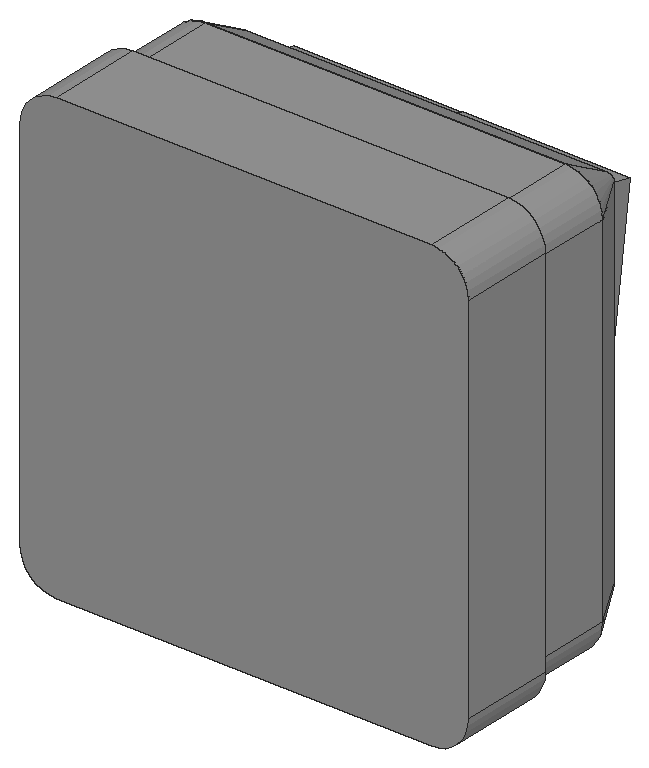
Revit family "IEK_Выключатель_ОткрытойУстановки_10А двухклавишный IP20_ОКТАВА", category Выключатели, Revit 2019
Family settings
  Сохранять ориентацию аннотаций = Да
  Размер круглого соединителя = Использовать диаметр
  Тип детали = Переключатель
  На основе рабочей плоскости = Нет
  Всегда вертикально = Да
  При загрузке вырезать с полостями = Нет
  Общий = Нет
  Точка расчета площади = Нет
Parameters (values of type "ВС20-2-0-ОБ")
  Ширина = 61 mm  # constant formula
  Тип монтажа = "Поверхность монтажа (открытая установка)"  # constant formula
  Степень защиты = "IP20"  # constant formula
  Изготовитель = "IEK"  # constant formula
  Дата изменения = ""
  Глубина = 37 mm  # constant formula
  Высота = 61 mm  # constant formula
  ΔХ [instance] = 2000 mm
  ΔY [instance] = 2000 mm
  KSI_CPr_Строительные изделия = "20.4.01"  # constant formula
  KSI_CMa_Строительные материалы = "01.7.14.03"  # constant formula
  IEK_Цена за единицу = 99.56
  IEK_Поиск в таблице имен = ""
  IEK_Описание = "Универсальный дизайн серии открытой установки \"ОКТАВА\" позволяет устанавливать изделия в квартирах, загородных домах, офисных и производственных помещениях."
  IEK_URL = "https://www.iek.ru/products/catalog/izdeliya_elektroustanovochnye_udliniteli_i_silovye_razemy/elektroustanovochnye_izdeliya/elektroustanovochnye_izdeliya_otkrytogo_montazha_ip20/elektroustanovochnye_izdeliya_oktava/elektroustanovochnye_izdeliya_oktava_tsvet_belyy/vyklyuchatel_2_klavishnyy_dlya_otkrytoy_ustanovki_vs20_2_0_ob_10a_oktava_belyy_iek"
  ADSK_Ток [instance] = 10 A  # constant formula
  ADSK_Примечание = ""
  ADSK_Полная мощность [instance] = ADSK_Номинальная мощность / ADSK_Коэффициент мощности  # 2200 VA
  ADSK_Позиция [instance] = ""
  ADSK_Номинальная мощность [instance] = ADSK_Ток * ADSK_Напряжение * sqrt(ADSK_Количество фаз числовое) * ADSK_Коэффициент мощности  # 2200 W
  ADSK_Напряжение = 220 V
  ADSK_Наименование = "Выключатель 2-клавишный для открытой установки ВС20-2-0-ОБ 10А ОКТАВА белый IEK"
  ADSK_Материал обозначение = ""
  ADSK_Материал наименование = "Пластик"  # constant formula
  ADSK_Материал = Цвет белый
  ADSK_Масса = 0.054  # constant formula
  ADSK_Марка = "ОКТАВА"  # constant formula
  ADSK_Коэффициент мощности [instance] = 1  # constant formula
  ADSK_Количество фаз числовое = 1
  ADSK_Количество фаз = 1
  ADSK_Код изделия = "EVO20-K01-10-DC"
  ADSK_Классификация нагрузок [instance] = Прочее
  ADSK_Завод-изготовитель = "IEK"  # constant formula
  ADSK_Единица измерения = "шт"  # constant formula
  ADSK_Группирование = "III ЭЛЕКТРОУСТАНОВОЧНЫЕ И ЭЛЕКТРОМОНТАЖНЫЕ ИЗДЕЛИЯ"  # constant formula
  ADSK_Версия семейства = "1.0"  # constant formula
  ADSK_Версия Revit = "2019"  # constant formula
  ADSK_URL страницы изделия = "https://www.iek.ru/products/catalog/izdeliya_elektroustanovochnye_udliniteli_i_silovye_razemy/elektroustanovochnye_izdeliya/elektroustanovochnye_izdeliya_otkrytogo_montazha_ip20/elektroustanovochnye_izdeliya_oktava/?pagec=10"
Types (3, lengths in mm): name | IEK_Цена за единицу | IEK_URL | ADSK_Наименование | ADSK_Материал | ADSK_Код изделия
  (no name) | 99.56 | "https://www.iek.ru/products/catalog/izdeliya_elektroustanovochnye_udliniteli_i_silovye_razemy/elektroustanovochnye_izdeliya/elektroustanovochnye_izdeliya_otkrytogo_montazha_ip20/elektroustanovochnye_izdeliya_oktava/elektroustanovochnye_izdeliya_oktava_tsvet_belyy/vyklyuchatel_2_klavishnyy_dlya_otkrytoy_ustanovki_vs20_2_0_ob_10a_oktava_belyy_iek" | "Выключатель 2-клавишный для открытой установки ВС20-2-0-ОБ 10А ОКТАВА белый IEK" | Цвет белый | "EVO20-K01-10-DC"
  ВС20-2-0-ОБ | 99.56 | "https://www.iek.ru/products/catalog/izdeliya_elektroustanovochnye_udliniteli_i_silovye_razemy/elektroustanovochnye_izdeliya/elektroustanovochnye_izdeliya_otkrytogo_montazha_ip20/elektroustanovochnye_izdeliya_oktava/elektroustanovochnye_izdeliya_oktava_tsvet_belyy/vyklyuchatel_2_klavishnyy_dlya_otkrytoy_ustanovki_vs20_2_0_ob_10a_oktava_belyy_iek" | "Выключатель 2-клавишный для открытой установки ВС20-2-0-ОБ 10А ОКТАВА белый IEK" | Цвет белый | "EVO20-K01-10-DC"
  ВС20-2-0-ОД | 175.7 | "https://www.iek.ru/products/catalog/izdeliya_elektroustanovochnye_udliniteli_i_silovye_razemy/elektroustanovochnye_izdeliya/elektroustanovochnye_izdeliya_otkrytogo_montazha_ip20/elektroustanovochnye_izdeliya_oktava/elektroustanovochnye_izdeliya_oktava_tsvet_dub/vyklyuchatel_2_klavishnyy_dlya_otkrytoy_ustanovki_vs20_2_0_od_10a_oktava_dub_iek" | "Выключатель 2-клавишный для открытой установки ВС20-2-0-ОД 10А ОКТАВА дуб IEK" | Цвет дуб | "EVO20-K04-10-DC"
Reference planes
  plane 1 "По центру (Вперед/Назад)": y = 0
  plane 2: z = 0
  plane 3 "По центру (Влево/Вправо)": x = 0
  plane 4 "Высота ножек": z = 280
  plane 5 "Высота": z = 2081.496
  plane 6: x = -2000
  plane 7: y = 2000
Forms (mm)
  Extrusion 1, solid, detail levels coarse
    sketch origin (0, 24, 0) x (1, 0, 0) y (0, 1, 0)
      loop
        line (-30.5, -24) -> (30.5, -24) -> (30.5, 13) -> (-30.5, 13) -> (-30.5, -24)
    from 0 to 61
  Extrusion 2, solid, detail levels medium
    sketch origin (0, 24, 0) x (1, 0, 0) y (0, 1, 0)
      loop
        line (-30.5, 13) -> (-30.5, -24) -> (30.5, -24) -> (30.5, 13) -> (-30.5, 13)
    from 0 to 61
  Extrusion 3, solid, material "Цвет белый" <- "ADSK_Материал", detail levels fine
    sketch origin (0, 0, 30.5) x (1, 0, 0) y (0, 0, -1)
      loop
        line (-30.5, 25.5) -> (-30.5, -25.5)
        arc (-30.5, -25.5) -> (-29.036, -29.036) -> (-25.5, -30.5) r 5
        line (-25.5, -30.5) -> (25.5, -30.5)
        arc (25.5, -30.5) -> (29.036, -29.036) -> (30.5, -25.5) r 5
        line (30.5, -25.5) -> (30.5, 25.5)
        arc (30.5, 25.5) -> (29.036, 29.036) -> (25.5, 30.5) r 5
        line (25.5, 30.5) -> (-25.5, 30.5)
        arc (-25.5, 30.5) -> (-29.036, 29.036) -> (-30.5, 25.5) r 5
    from 0 to 13
  Extrusion 4, solid, material "Цвет белый" <- "ADSK_Материал", detail levels fine
    sketch origin (0, 0, 30.5) x (1, 0, 0) y (0, 0, -1)
      loop
        line (-29.5, 24.462) -> (-29.5, -24.462)
        arc (-29.5, -24.462) -> (-28.024, -28.024) -> (-24.462, -29.5) r 5.038
        line (-24.462, -29.5) -> (24.505, -29.5)
        arc (24.505, -29.5) -> (28.037, -28.037) -> (29.5, -24.505) r 4.995
        line (29.5, -24.505) -> (29.5, 24.505)
        arc (29.5, 24.505) -> (28.037, 28.037) -> (24.505, 29.5) r 4.995
        line (24.505, 29.5) -> (-24.462, 29.5)
        arc (-24.462, 29.5) -> (-28.024, 28.024) -> (-29.5, 24.462) r 5.038
    from 13 to 24
  Blend 5, solid, material "Цвет белый" <- "ADSK_Материал", detail levels fine
    base sketch origin (0, 0, 30.5) x (1, 0, 0) y (0, 0, -1)
      loop
        line (-29.5, 24.462) -> (-29.5, -24.462)
        arc (-29.5, -24.462) -> (-28.024, -28.024) -> (-24.462, -29.5) r 5.038
        line (-24.462, -29.5) -> (24.505, -29.5)
        arc (24.505, -29.5) -> (28.037, -28.037) -> (29.5, -24.505) r 4.995
        line (29.5, -24.505) -> (29.5, 24.505)
        arc (29.5, 24.505) -> (28.037, 28.037) -> (24.505, 29.5) r 4.995
        line (24.505, 29.5) -> (-24.462, 29.5)
        arc (-24.462, 29.5) -> (-28.024, 28.024) -> (-29.5, 24.462) r 5.038
    top sketch origin (0, 0, 30.5) x (1, 0, 0) y (0, 0, -1)
      loop
        line (-25.459, 24.5) -> (-25.459, -24.5)
        arc (-25.459, -24.5) -> (-25.178, -25.178) -> (-24.5, -25.459) r 0.959
        line (-24.5, -25.459) -> (24.5, -25.459)
        arc (24.5, -25.459) -> (25.178, -25.178) -> (25.459, -24.5) r 0.959
        line (25.459, -24.5) -> (25.459, 24.5)
        arc (25.459, 24.5) -> (25.178, 25.178) -> (24.5, 25.459) r 0.959
        line (24.5, 25.459) -> (-24.5, 25.459)
        arc (-24.5, 25.459) -> (-25.178, 25.178) -> (-25.459, 24.5) r 0.959
    from 24 to 31
  Extrusion 6, void
    sketch origin (0, 0, 30.5) x (1, 0, 0) y (0, 0, -1)
      loop
        arc (-23.459, -21.459) -> (-22.873, -22.873) -> (-21.459, -23.459) r 2
        line (-21.459, -23.459) -> (21.459, -23.459)
        arc (21.459, -23.459) -> (22.873, -22.873) -> (23.459, -21.459) r 2
        line (23.459, -21.459) -> (23.459, 21.459)
        arc (23.459, 21.459) -> (22.873, 22.873) -> (21.459, 23.459) r 2
        line (21.459, 23.459) -> (-21.459, 23.459)
        arc (-21.459, 23.459) -> (-22.873, 22.873) -> (-23.459, 21.459) r 2
        line (-23.459, 21.459) -> (-23.459, -21.459)
    from 30.5 to 31
  Extrusion 7, solid, material "Цвет белый" <- "ADSK_Материал", detail levels fine
    sketch origin (0, 0, 30.5) x (0, 0, -1) y (0, 1, 0)
      loop
        line (-23, 30.5) -> (23, 30.5) -> (-21.529, 37) -> (-23, 30.5)
    from 0.1 to 22.8
  Extrusion 8, solid, material "Цвет белый" <- "ADSK_Материал", detail levels fine
    sketch origin (0, 0, 30.5) x (0, 0, -1) y (0, -1, 0)
      loop
        line (-23, -30.5) -> (-21.529, -37) -> (23, -30.5) -> (-23, -30.5)
    from 0.1 to 22.8
Cuts and joins
  Extrusion 6 cuts Blend 5
Lines and regions (mm)
  reference lines
    curve 1: line (0, 44.647, 0) -> (0, -55.353, 0)
    curve 2: line (-23.829, 0, 0) -> (76.171, 0, 0)
Dimensions and locks
  locked: plane 4 "Высота ножек" to plane 2 at 280
  plane 5 "Высота" to plane 4 "Высота ножек" = 1801.496 mm
  "ΔХ": plane 6 to curve 1
  "ΔY": plane 7 to curve 2
  aligned and locked: level to plane 2
  aligned and locked: curve 2 to nested 1
  aligned and locked: nested 1 to curve 1
  aligned and locked: Blend 5 to Extrusion 4
Automatic sketch dimensions
  Extrusion 1 sketch curve to plane 1 "По центру (Вперед/Назад)" = 37 mm
  Extrusion 1 sketch curve to plane 3 "По центру (Влево/Вправо)" = 30.5 mm
  plane 3 "По центру (Влево/Вправо)" to Extrusion 1 sketch curve = 30.5 mm
  plane 1 "По центру (Вперед/Назад)" to Extrusion 1 sketch curve = 0 mm
  Extrusion 2 sketch curve to plane 3 "По центру (Влево/Вправо)" = 30.5 mm
  plane 3 "По центру (Влево/Вправо)" to Extrusion 2 sketch curve = 30.5 mm
  plane 1 "По центру (Вперед/Назад)" to Extrusion 2 sketch curve = 0 mm
  Extrusion 2 sketch curve to plane 1 "По центру (Вперед/Назад)" = 37 mm
  level to Extrusion 3 sketch curve = 5 mm  (x2)
  Extrusion 3 sketch curve to plane 3 "По центру (Влево/Вправо)" = 30.5 mm
  Extrusion 3 sketch curve to Extrusion 3 sketch curve = 5 mm  (x2)
  Extrusion 3 sketch curve to Extrusion 3 sketch curve = 51 mm  (x2)
  level to Extrusion 3 sketch curve = 56 mm
  level to Extrusion 4 sketch curve = 54.962 mm
  Extrusion 4 sketch curve to plane 3 "По центру (Влево/Вправо)" = 29.5 mm
  Extrusion 4 sketch curve to Extrusion 4 sketch curve = 5.038 mm  (x2)
  level to Extrusion 4 sketch curve = 1 mm
  Extrusion 4 sketch curve to Extrusion 4 sketch curve = 48.967 mm  (x2)
  Extrusion 4 sketch curve to Extrusion 4 sketch curve = 4.995 mm
  Extrusion 4 sketch curve to Extrusion 4 sketch curve = 0 mm  (x2)
  level to Blend 5 sketch curve = 6.038 mm
  Blend 5 sketch curve to plane 3 "По центру (Влево/Вправо)" = 29.5 mm
  Blend 5 sketch curve to Blend 5 sketch curve = 5.038 mm  (x2)
  Blend 5 sketch curve to Blend 5 sketch curve = 48.967 mm  (x2)
  level to Blend 5 sketch curve = 5.995 mm
  level to Blend 5 sketch curve = 54.962 mm
  level to Blend 5 sketch curve = 6 mm  (x2)
  Blend 5 sketch curve to plane 3 "По центру (Влево/Вправо)" = 25.459 mm
  Blend 5 sketch curve to Blend 5 sketch curve = 0.959 mm  (x2)
  Blend 5 sketch curve to Blend 5 sketch curve = 49 mm  (x2)
  level to Blend 5 sketch curve = 55 mm
  level to Extrusion 6 sketch curve = 51.959 mm
  Extrusion 6 sketch curve to plane 3 "По центру (Влево/Вправо)" = 23.459 mm
  Extrusion 6 sketch curve to Extrusion 6 sketch curve = 2 mm  (x3)
  level to Extrusion 6 sketch curve = 7.041 mm
  Extrusion 6 sketch curve to Extrusion 6 sketch curve = 42.917 mm
  Extrusion 6 sketch curve to Extrusion 6 sketch curve = 0 mm
  level to Extrusion 7 sketch curve = 53.5 mm
  Extrusion 7 sketch curve to Extrusion 7 sketch curve = 1.471 mm
  level to Extrusion 7 sketch curve = 7.5 mm
  Extrusion 7 sketch curve to plane 1 "По центру (Вперед/Назад)" = 30.5 mm
  Extrusion 7 sketch curve to Extrusion 7 sketch curve = 6.5 mm
  level to Extrusion 8 sketch curve = 53.5 mm
  Extrusion 8 sketch curve to Extrusion 8 sketch curve = 1.471 mm
  level to Extrusion 8 sketch curve = 7.5 mm
  Extrusion 8 sketch curve to plane 1 "По центру (Вперед/Назад)" = 37 mm
  Extrusion 8 sketch curve to Extrusion 8 sketch curve = 6.5 mm
  curve 2 to plane 3 "По центру (Влево/Вправо)" = 23.829 mm
  plane 3 "По центру (Влево/Вправо)" to curve 2 = 76.171 mm
  plane 1 "По центру (Вперед/Назад)" to curve 1 = 55.353 mm
  curve 1 to plane 1 "По центру (Вперед/Назад)" = 44.647 mm
Nested families
  nested 1: "УГО Выключателя" at (0, 0, 0), type "2K-O", detail levels coarse+medium
    with IP44 no
Connectors
  electrical at (0, 0, 30.5), driven by "ADSK_Количество фаз", driven by "ADSK_Классификация нагрузок", driven by "ADSK_Напряжение", driven by "ADSK_Полная мощность", driven by "ADSK_Коэффициент мощности"
    settings: on Extrusion 1, index 1, voltage 220 V, apparent load 0 VA, apparent load phase1 2200 VA, apparent load phase2 0 VA, apparent load phase3 0 VA, power factor 1, load classification "Прочее", number of poles 1, system type 31, power factor state 1, is connector primary yes, connector utility no, sub classification motor no, connector description ""
Definition of nested family "УГО Выключателя"
  Parameters (values of type "3K-O")
    IP44 [instance] = no
    3K-C = no
    2K-C = no
    1K-C = no
    3K-O = yes
    2K-O = no
    1K-O = no
  Types (6, lengths in mm): name | 3K-C | 2K-C | 1K-C | 3K-O | 2K-O | 1K-O
    2K-O | no | no | no | no | yes | no
    3K-O | no | no | no | yes | no | no
    2K-C | no | yes | no | no | no | no
    1K-O | no | no | no | no | no | yes
    1K-C | no | no | yes | no | no | no
    3K-C | yes | no | no | no | no | no
  Reference planes
    plane 1: y = 0
    plane 2: x = 0
  Lines and regions (mm)
    Filled region 1, type "Цветовая область 1", visible <- "IP44", not visible
      outline origin (0, 0, 0) x (1, 0, 0) y (0, 1, 0)
        loop
          circle (0, 2.214) r 0.994
    Filled region 2, type "Цветовая область 1", visible <- "IP44", not visible
      outline origin (-1.562, 0, 0) x (1, 0, 0) y (0, 1, 0)
        loop
          circle (11.009, 9.276) r 0.994
    Filled region 3, type "Цветовая область 1", visible <- "IP44", not visible
      outline origin (-1.562, 0, 0) x (1, 0, 0) y (0, 1, 0)
        loop
          circle (23.521, 9.279) r 0.994
    Filled region 4, type "Цветовая область 1", visible <- "IP44", not visible
      outline origin (0, 0, 0) x (1, 0, 0) y (0, 1, 0)
        loop
          circle (28.604, 9.279) r 0.994
    Filled region 5, type "Цветовая область 1", visible <- "IP44", not visible
      outline origin (0, 0, 0) x (1, 0, 0) y (0, 1, 0)
        loop
          circle (32.789, 9.279) r 0.994
    Filled region 6, type "Цветовая область 1", visible <- "IP44"
      outline origin (0, 0, 0) x (1, 0, 0) y (0, 1, 0)
        loop
          circle (0.006, 0.994) r 0.994
    Filled region 7, type "Цветовая область 1", visible <- "IP44"
      outline origin (0, 0, 0) x (1, 0, 0) y (0, 1, 0)
        loop
          circle (0.006, 0.994) r 0.994
    Filled region 8, type "Цветовая область 1", visible <- "IP44"
      outline origin (-1.562, 0, 0) x (1, 0, 0) y (0, 1, 0)
        loop
          circle (1.569, 0.994) r 0.994
    Filled region 9, type "Цветовая область 1", visible <- "IP44"
      outline origin (0, 0, 0) x (1, 0, 0) y (0, 1, 0)
        loop
          circle (0.006, 0.994) r 0.994
    Filled region 10, type "Цветовая область 1", visible <- "IP44", not visible
      outline origin (0, 0, 0) x (1, 0, 0) y (0, 1, 0)
        loop
          circle (15.057, 15.33) r 0.994
    Filled region 11, type "Цветовая область 1", visible <- "IP44"
      outline origin (-1.562, 0, 0) x (1, 0, 0) y (0, 1, 0)
        loop
          circle (1.569, 0.994) r 0.994
    Filled region 12, type "Цветовая область 1", visible <- "IP44"
      outline origin (0, 0, 0) x (1, 0, 0) y (0, 1, 0)
        loop
          circle (0.006, 0.994) r 0.994
    detail lines, visible <- "3K-O", not visible
      curve 1: line (0.86, 2.711, 0) -> (3.031, 3.964, 0)
      curve 2: line (0.639, 2.975, 0) -> (2.25, 4.895, 0)
      curve 3: line (0.323, 3.154, 0) -> (1.139, 5.524, 0)
      curve 4: circle (0, 2.214, 0) r 0.994 normal (0, 0, 1)
      curve 5: line (3.031, 3.964, 0) -> (3.431, 3.272, 0)
      curve 6: line (2.25, 4.895, 0) -> (2.863, 4.381, 0)
      curve 7: line (1.139, 5.524, 0) -> (1.896, 5.263, 0)
    detail lines, visible <- "2K-O", not visible
      curve 8: line (10.196, 9.928, 0) -> (12.088, 11.572, 0)
      curve 9: line (9.928, 10.145, 0) -> (11.143, 12.337, 0)
      curve 10: circle (9.446, 9.276, 0) r 0.994 normal (0, 0, 1)
      curve 11: line (12.088, 11.572, 0) -> (12.613, 10.968, 0)
      curve 12: line (11.143, 12.337, 0) -> (11.843, 11.949, 0)
    detail lines, visible <- "1K-O", not visible
      curve 13: line (15.627, 16.144, 0) -> (17.201, 18.393, 0)
      curve 14: circle (15.057, 15.33, 0) r 0.994 normal (0, 0, 1)
      curve 15: line (17.201, 18.393, 0) -> (17.857, 17.934, 0)
    detail lines, visible <- "3K-C", not visible
      curve 16: line (22.819, 9.775, 0) -> (24.99, 11.029, 0)
      curve 17: line (22.597, 10.04, 0) -> (24.208, 11.96, 0)
      curve 18: line (22.282, 10.218, 0) -> (23.098, 12.588, 0)
      curve 19: circle (21.958, 9.279, 0) r 0.994 normal (0, 0, 1)
      curve 20: line (24.765, 11.418, 0) -> (25.215, 10.639, 0)
      curve 21: line (23.863, 12.249, 0) -> (24.553, 11.67, 0)
      curve 22: line (22.672, 12.734, 0) -> (23.523, 12.441, 0)
    detail lines, visible <- "2K-C", not visible
      curve 23: line (29.354, 9.93, 0) -> (31.246, 11.575, 0)
      curve 24: line (29.086, 10.148, 0) -> (30.301, 12.34, 0)
      curve 25: circle (28.604, 9.279, 0) r 0.994 normal (0, 0, 1)
      curve 26: line (30.951, 11.914, 0) -> (31.541, 11.235, 0)
      curve 27: line (29.908, 12.558, 0) -> (30.695, 12.122, 0)
    detail lines, visible <- "1K-C", not visible
      curve 28: line (33.359, 10.092, 0) -> (34.797, 12.146, 0)
      curve 29: circle (32.789, 9.279, 0) r 0.994 normal (0, 0, 1)
      curve 30: line (34.428, 12.404, 0) -> (35.165, 11.887, 0)
    detail lines
      curve 31: line (0.006, 0, 0) -> (0.006, 2.454, 0)
      curve 32: line (0.006, 0, 0) -> (2.217, 0, 0)
    detail lines, visible <- "1K-C"
      curve 33: line (0.576, 1.808, 0) -> (2.014, 3.861, 0)
      curve 34: circle (0.006, 0.994, 0) r 0.994 normal (0, 0, 1)
      curve 35: line (1.645, 4.119, 0) -> (2.383, 3.603, 0)
    detail lines, visible <- "2K-C"
      curve 36: line (0.756, 1.645, 0) -> (2.648, 3.29, 0)
      curve 37: line (0.488, 1.863, 0) -> (1.703, 4.055, 0)
      curve 38: circle (0.006, 0.994, 0) r 0.994 normal (0, 0, 1)
      curve 39: line (2.353, 3.629, 0) -> (2.943, 2.95, 0)
      curve 40: line (1.31, 4.273, 0) -> (2.097, 3.837, 0)
    detail lines, visible <- "3K-C"
      curve 41: line (0.867, 1.49, 0) -> (3.037, 2.744, 0)
      curve 42: line (0.645, 1.755, 0) -> (2.256, 3.675, 0)
      curve 43: line (0.33, 1.933, 0) -> (1.146, 4.303, 0)
      curve 44: circle (0.006, 0.994, 0) r 0.994 normal (0, 0, 1)
      curve 45: line (2.812, 3.133, 0) -> (3.262, 2.354, 0)
      curve 46: line (1.911, 3.964, 0) -> (2.601, 3.386, 0)
      curve 47: line (0.72, 4.449, 0) -> (1.571, 4.156, 0)
    detail lines, visible <- "1K-O"
      curve 48: line (0.576, 1.808, 0) -> (2.151, 4.056, 0)
      curve 49: circle (0.006, 0.994, 0) r 0.994 normal (0, 0, 1)
      curve 50: line (2.151, 4.056, 0) -> (2.806, 3.597, 0)
    detail lines, visible <- "2K-O"
      curve 51: line (0.756, 1.645, 0) -> (2.648, 3.29, 0)
      curve 52: line (0.488, 1.863, 0) -> (1.703, 4.055, 0)
      curve 53: circle (0.006, 0.994, 0) r 0.994 normal (0, 0, 1)
      curve 54: line (2.648, 3.29, 0) -> (3.173, 2.686, 0)
      curve 55: line (1.703, 4.055, 0) -> (2.403, 3.667, 0)
    detail lines, visible <- "3K-O"
      curve 56: line (0.867, 1.49, 0) -> (3.037, 2.744, 0)
      curve 57: line (0.645, 1.755, 0) -> (2.256, 3.675, 0)
      curve 58: line (0.33, 1.933, 0) -> (1.146, 4.303, 0)
      curve 59: circle (0.006, 0.994, 0) r 0.994 normal (0, 0, 1)
      curve 60: line (3.037, 2.744, 0) -> (3.437, 2.051, 0)
      curve 61: line (2.256, 3.675, 0) -> (2.869, 3.161, 0)
      curve 62: line (1.146, 4.303, 0) -> (1.902, 4.042, 0)
